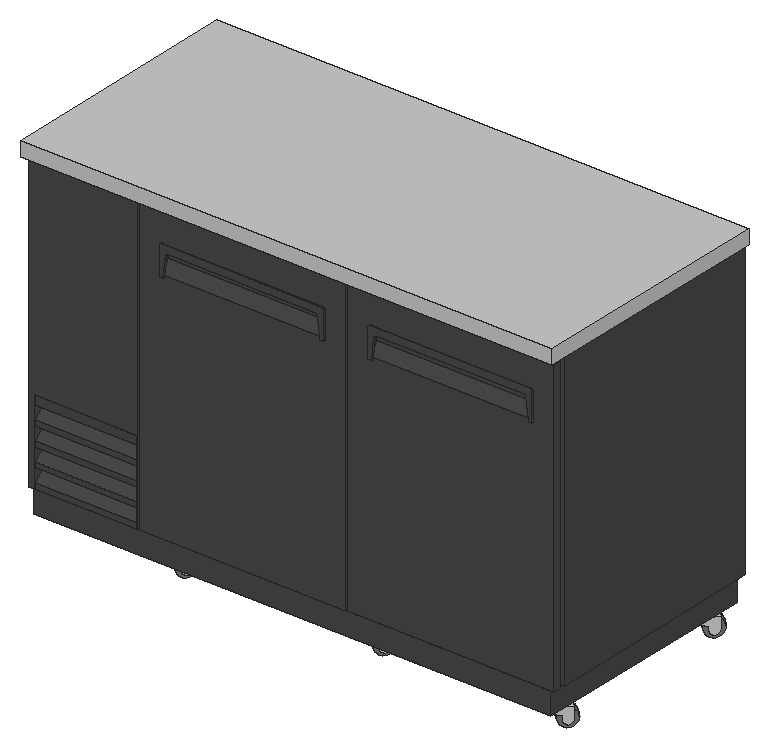
Revit family "QF_Turbo Air_TBB-2SB", category Specialty Equipment, Revit 2014
Parameters
  Weight in Pounds = 332
  Watermarked By = ""
  Volts = 115 V
  URL Cutsheet = ""
  URL = "www.turboairinc.com"
  Status [instance] = ""
  Specification by User [instance] = ""
  Specification by Manufacturer [instance] = ""
  Serial Number [instance] = ""
  Revision Code [instance] = ""
  Phase = 1
  Number of Poles [instance] = 1
  NAFEM Spec ID Number [instance] = ""
  Model = "TBB-2SB"
  Masterspec [instance] = ""
  Manufacturer = "Turbo Air"  # constant formula
  Item Number [instance] = "-"
  Installed By [instance] = ""
  HP = "1/4"
  Furnished By [instance] = ""
  Foodservice Equipment Identifier = yes
  FL Amps = 7 A
  Electrical Remarks [instance] = ""
  Electric Connection Type [instance] = ""
  Elec Conn RI Height [instance] = 0' - 0"
  Elec Conn Connection Height [instance] = CasterLeg Height + 0' 2"  # 0' - 5"
  Description = "Back Bar"
  Cycle = 60 Hz
  Conn Plug = "NEMA 5-15P"
  CasterLeg Height [instance] = if([2 inch Casters], 0' 3", if([4 inch Casters], 0' 5", 0' 6"))  # 0' - 3"
  CSI MasterFormat = "11 46 13"
  Assembly Code = "E1090320"
  Apparent Power = if(Phase = 3, Volts * FL Amps * 1.73, Volts * FL Amps)  # 805 VA
  6 inch Legs [instance] = no
  4 inch Casters [instance] = no
  2 inch Casters [instance] = yes
Reference planes (in)
  plane 1 "BACK": y = 0
  plane 2: z = 0
  plane 3 "LEFT": x = -16.56573
  plane 4 "RIGHT": x = 42.18427
  plane 5 "FRONT": y = -27.125
  plane 6 "Bumber Back": y = 2
  plane 7 "Bottom": z = 3
  plane 8 "Counter Top": z = 40
  plane 9 "Counter Bottom": z = 38.4375
  plane 10 "Vent Bottom": z = 5.5625
  plane 11 "Box Left": x = -16.19073
  plane 12 "Vents Left": x = -15.56573
  plane 13 "Vents Right": x = -4.00323
  plane 14 "Doors Back": y = -24.9375
  plane 15 "Vents Front": y = -26.375
  plane 16 "Vent Top": z = 14.8125
  plane 17 "Box Right": x = 41.80927
  plane 18: x = 18.99677
  plane 19: x = 18.80927
  plane 20 "Door Clearance": y = -48.375
Forms (in)
  Extrusion 1, solid, material "QF_Plastic-Black-Matte"
    sketch origin (0, 0, 3) x (0, 1, 0) y (-1, 0, 0)
      loop
        line (-0.625, 15.75323) -> (-26.3125, 15.75323) -> (-26.3125, -41.37177) -> (-0.625, -41.37177) -> (-0.625, 15.75323)
    from 0 to 2.5625
  Extrusion 2, solid, material "QF_Plastic-Black-Matte"
    sketch origin (-15.56573, 0, 0) x (0, 1, 0) y (0, 0, 1)
      loop
        line (-26.375, 12.375) -> (-26.375, 11.8125) -> (-26, 11.8125) -> (-26, 11.875) -> (-26.3125, 11.875) -> (-26.3125, 12.34911) -> (-25.04917, 13.61244) -> (-25.09337, 13.65663) -> (-26.375, 12.375)
      loop
        line (-26.375, 10.3125) -> (-26.375, 9.75) -> (-26, 9.75) -> (-26, 9.8125) -> (-26.3125, 9.8125) -> (-26.3125, 10.28661) -> (-25.04917, 11.54994) -> (-25.09337, 11.59413) -> (-26.375, 10.3125)
      loop
        line (-26.375, 8.25) -> (-26.375, 7.6875) -> (-26, 7.6875) -> (-26, 7.75) -> (-26.3125, 7.75) -> (-26.3125, 8.22411) -> (-25.04917, 9.48744) -> (-25.09337, 9.53163) -> (-26.375, 8.25)
      loop
        line (-26.375, 6.125) -> (-26.375, 5.5625) -> (-25.8125, 5.5625) -> (-25.8125, 5.625) -> (-26.3125, 5.625) -> (-26.3125, 6.09911) -> (-25.04917, 7.36244) -> (-25.09337, 7.40663) -> (-26.375, 6.125)
      loop
        line (-26.375, 14.8125) -> (-26.375, 13.875) -> (-26, 13.875) -> (-26, 13.9375) -> (-26.3125, 13.9375) -> (-26.3125, 14.41161) -> (-25.91161, 14.8125) -> (-26.375, 14.8125)
    from 0 to 11.3125
  Extrusion 3, solid, material "QF_Plastic-Black-Matte"
    sketch origin (0, 2, 0) x (1, 0, 0) y (0, 0, 1)
      loop
        circle (-10.62823, 34.5) r 0.8125
      loop
        circle (36.24677, 34.5) r 0.8125
    from 0 to 2
  Extrusion 4, solid, material "QF_Plastic-Black-Matte"
    sketch origin (0, 0, 0) x (1, 0, 0) y (0, 0, 1)
      loop
        circle (-10.09698, 5) r 0.25
    from 0.625 to 0.5625
  Extrusion 5, solid, material "QF_Plastic-Black-Matte"
    sketch origin (0, 0, 5.5625) x (0, 1, 0) y (-1, 0, 0)
      loop
        line (0, 16.19073) -> (-24.9375, 16.19073) -> (-24.9375, -41.80927) -> (0, -41.80927) -> (0, 16.19073)
    from 0 to 32.875
  Extrusion 6, solid, material "QF_Plastic-Black-Matte"
    sketch origin (0, -24.9375, 0) x (1, 0, 0) y (0, 0, 1)
      loop
        line (-16.19073, 38.4375) -> (-16.19073, 5.5625) -> (-15.56573, 5.5625) -> (-15.56573, 14.8125) -> (-4.25323, 14.8125) -> (-4.25323, 5.5625) -> (-4.12823, 5.5625) -> (-4.12823, 38.4375) -> (-16.19073, 38.4375)
    from 0 to 1.4375
  Extrusion 7, solid, material "QF_Stainless-Polished"
    sketch origin (0, 0, 38.4375) x (0, 1, 0) y (-1, 0, 0)
      loop
        line (0, 16.56573) -> (-27.125, 16.56573) -> (-27.125, -42.18427) -> (0, -42.18427) -> (0, 16.56573)
    from 0 to 1.5625
  Extrusion 8, solid, material "QF_Clearance", detail levels coarse+medium
    sketch origin (0, 0, 5.5625) x (0, 1, 0) y (-1, 0, 0)
      loop
        line (-48.375, -41.80927) -> (-26.375, -41.80927) -> (-26.375, -18.99677)
        arc (-26.375, -18.99677) -> (-41.98315, -25.959) -> (-48.375, -41.80927) r 22.8125
    from 0 to 32.3125
  Extrusion 9, solid, material "QF_Clearance", detail levels coarse+medium
    sketch origin (0, 0, 5.5625) x (0, 1, 0) y (-1, 0, 0)
      loop
        arc (-48.375, 4.00323) -> (-41.98315, -11.84705) -> (-26.375, -18.80927) r 22.8125
        line (-26.375, -18.80927) -> (-26.375, 4.00323) -> (-48.375, 4.00323)
    from 0 to 32.3125
Lines and regions (in)
  symbolic lines
    curve 1: line (-16.56573, 0, 3) -> (42.18427, 0, 3)
    curve 2: line (-16.56573, -27.125, 3) -> (-16.56573, 0, 3)
    curve 3: line (42.18427, -27.125, 3) -> (-16.56573, -27.125, 3)
    curve 4: line (42.18427, 0, 3) -> (42.18427, -27.125, 3)
    curve 5: line (-11.44073, 2, 3) -> (-9.81573, 2, 3)
    curve 6: line (35.43427, 2, 3) -> (37.05927, 2, 3)
    curve 7: line (-11.44073, 2, 3) -> (-11.44073, 0, 3)
    curve 8: line (-9.81573, 2, 3) -> (-9.81573, 0, 3)
    curve 9: line (35.43427, 2, 3) -> (35.43427, 0, 3)
    curve 10: line (37.05927, 2, 3) -> (37.05927, 0, 3)
  symbolic lines, style "QF_Clearances_Door_Drawer", detail levels coarse+medium
    curve 11: line (-4.00323, -27.125, 5.5625) -> (-4.00323, -48.375, 5.5625)
    curve 12: arc (-4.00323, -48.375, 5.5625) -> (11.57461, -42.24159, 5.5625) -> (18.77018, -27.125, 5.5625) r 22.8125
    curve 13: line (41.80927, -27.125, 5.5625) -> (41.80927, -48.375, 5.5625)
    curve 14: arc (41.80927, -48.375, 5.5625) -> (26.23144, -42.24159, 5.5625) -> (19.03587, -27.125, 5.5625) r 22.8125
Dimensions and locks (in)
  locked: plane 4 "RIGHT" to plane 3 "LEFT" at 58.75
  locked: plane 5 "FRONT" to plane 1 "BACK" at 27.125
  locked: plane 1 "BACK" to plane 6 "Bumber Back" at 2
  "CasterLeg Height": plane 7 "Bottom" to level
  locked: plane 8 "Counter Top" to plane 7 "Bottom" at 37
  locked: plane 8 "Counter Top" to plane 9 "Counter Bottom" at 1.5625
  locked: plane 10 "Vent Bottom" to plane 7 "Bottom" at 2.5625
  locked: Extrusion 1 sketch curve to plane 1 "BACK" at 0.625
  locked: plane 3 "LEFT" to Extrusion 1 sketch curve at 0.8125
  locked: Extrusion 1 sketch curve to plane 4 "RIGHT" at 0.8125
  locked: plane 3 "LEFT" to nested 1 at 3
  locked: nested 1 to plane 1 "BACK" at 3
  locked: nested 3 to plane 1 "BACK" at 3
  locked: nested 3 to plane 4 "RIGHT" at 3
  locked: plane 3 "LEFT" to nested 4 at 13.5625
  locked: nested 5 to plane 4 "RIGHT" at 3
  locked: plane 9 "Counter Bottom" to Extrusion 3 sketch curve at 3.9375  (x2)
  locked: Extrusion 3 sketch curve to plane 3 "LEFT" at 5.9375
  locked: plane 4 "RIGHT" to Extrusion 3 sketch curve at 5.9375
  locked: Extrusion 4 sketch curve to plane 7 "Bottom" at 2
  locked: plane 3 "LEFT" to plane 11 "Box Left" at 0.375
  locked: plane 5 "FRONT" to plane 14 "Doors Back" at 2.1875
  locked: plane 5 "FRONT" to plane 15 "Vents Front" at 0.75
  locked: plane 16 "Vent Top" to plane 10 "Vent Bottom" at 9.25
  locked: plane 5 "FRONT" to nested 7 at 3.875
  locked: plane 5 "FRONT" to nested 8 at 3.875
  plane 11 "Box Left" to plane 13 "Vents Right" = 1' - 0 3/16"
  locked: plane 17 "Box Right" to plane 4 "RIGHT" at 0.375
  locked: plane 11 "Box Left" to plane 12 "Vents Left" at 0.625
  locked: Extrusion 6 sketch curve to plane 13 "Vents Right" at 0.125
  locked: Extrusion 6 sketch curve to Extrusion 6 sketch curve at 0.125
  locked: nested 11 to plane 1 "BACK" at 3
  locked: plane 5 "FRONT" to nested 12 at 3.875
  equal spacing: plane 13 "Vents Right", nested 11, plane 17 "Box Right"
  equal spacing: plane 13 "Vents Right", nested 12, plane 17 "Box Right"
  locked: plane 20 "Door Clearance" to plane 1 "BACK" at 48.375
  equal spacing: plane 13 "Vents Right", Extrusion 4 sketch curve, plane 11 "Box Left"
  aligned and locked: level to plane 2
  aligned and locked: plane 10 "Vent Bottom" to Extrusion 1
  aligned and locked: nested 1 to nested 2
  aligned and locked: nested 2 to nested 1
  aligned and locked: nested 6 to nested 3  (x2)
  aligned and locked: nested 4 to nested 8
  aligned and locked: nested 8 to nested 4
  aligned and locked: nested 7 to nested 5  (x2)
  aligned and locked: plane 1 "BACK" to Extrusion 3
  aligned and locked: plane 3 "LEFT" to curve 2
  aligned and locked: curve 3 to plane 5 "FRONT"
  aligned and locked: plane 1 "BACK" to curve 1
  aligned and locked: curve 5 to Extrusion 3
  aligned and locked: curve 6 to Extrusion 3
  aligned and locked: nested 9 to plane 10 "Vent Bottom"
  aligned and locked: plane 1 "BACK" to Extrusion 5 sketch curve
  aligned and locked: plane 11 "Box Left" to Extrusion 5 sketch curve
  aligned and locked: Extrusion 5 sketch curve to plane 14 "Doors Back"
  aligned and locked: Extrusion 5 sketch curve to plane 17 "Box Right"
  aligned and locked: plane 9 "Counter Bottom" to Extrusion 5
  aligned and locked: plane 13 "Vents Right" to nested 9
  aligned and locked: plane 19 to nested 9
  aligned and locked: plane 10 "Vent Bottom" to Extrusion 6 sketch curve
  aligned and locked: Extrusion 6 sketch curve to plane 10 "Vent Bottom"
  aligned and locked: plane 11 "Box Left" to Extrusion 6 sketch curve
  aligned and locked: Extrusion 6 sketch curve to plane 16 "Vent Top"
  aligned and locked: Extrusion 6 sketch curve to plane 9 "Counter Bottom"
  aligned and locked: Extrusion 6 sketch curve to plane 12 "Vents Left"
  aligned and locked: plane 15 "Vents Front" to Extrusion 6
  aligned and locked: Extrusion 2 sketch curve to plane 16 "Vent Top"
  aligned and locked: Extrusion 2 to Extrusion 6
  aligned and locked: plane 3 "LEFT" to Extrusion 7 sketch curve
  aligned and locked: Extrusion 7 sketch curve to plane 5 "FRONT"
  aligned and locked: Extrusion 7 sketch curve to plane 4 "RIGHT"
  aligned and locked: plane 1 "BACK" to Extrusion 7 sketch curve
  aligned and locked: plane 8 "Counter Top" to Extrusion 7
  aligned and locked: plane 10 "Vent Bottom" to nested 10
  aligned and locked: plane 17 "Box Right" to nested 10
  aligned and locked: plane 18 to nested 10
  aligned and locked: plane 14 "Doors Back" to nested 10
  aligned and locked: nested 11 to nested 13
  aligned and locked: nested 13 to nested 11
  aligned and locked: nested 12 to nested 14
  aligned and locked: nested 14 to nested 12
  aligned and locked: Extrusion 9 to nested 9
  aligned and locked: Extrusion 8 to nested 9
Automatic sketch dimensions
  Extrusion 1 sketch curve to plane 5 "FRONT" = 0' - 0 13/16"
  Extrusion 2 sketch curve to plane 15 "Vents Front" = 0' - 0"  (x5)
  Extrusion 2 sketch curve to plane 10 "Vent Bottom" = 0' - 0"
  Extrusion 2 sketch curve to plane 15 "Vents Front" = 0' - 0 1/16"  (x5)
  Extrusion 2 sketch curve to Extrusion 2 sketch curve = 0' - 0 5/16"  (x4)
  Extrusion 2 sketch curve to plane 15 "Vents Front" = 0' - 0.46339"
  Extrusion 2 sketch curve to Extrusion 2 sketch curve = 0' - 0 1/2"
  plane 14 "Doors Back" to Extrusion 2 sketch curve = 0' - 0.15587"  (x4)
  Extrusion 2 sketch curve to Extrusion 2 sketch curve = 0' - 0.04419"  (x4)
  plane 10 "Vent Bottom" to Extrusion 2 sketch curve = 0' - 0 1/16"
  Extrusion 2 sketch curve to Extrusion 2 sketch curve = 0' - 0.47411"  (x4)
  Extrusion 2 sketch curve to Extrusion 2 sketch curve = 0' - 0.02589"  (x4)
  Extrusion 2 sketch curve to Extrusion 2 sketch curve = 0' - 0.28087"
  Extrusion 2 sketch curve to Extrusion 2 sketch curve = 0' - 0 1/16"  (x4)
  Extrusion 2 sketch curve to Extrusion 2 sketch curve = 0' - 0.21837"  (x2)
  Extrusion 2 sketch curve to Extrusion 2 sketch curve = 0' - 0 15/16"
  Extrusion 2 sketch curve to plane 16 "Vent Top" = 0' - 0.40089"
  curve 1 to plane 4 "RIGHT" = 0' - 0"
  curve 10 to plane 17 "Box Right" = 0' - 4 3/4"
  curve 6 to curve 9 = 0' - 1 5/8"
  plane 12 "Vents Left" to curve 5 = 0' - 5 3/4"
  curve 5 to curve 7 = 0' - 1 5/8"
  curve 11 to plane 13 "Vents Right" = 0' - 0"
  plane 20 "Door Clearance" to curve 11 = 0' - 0"
  curve 14 to plane 17 "Box Right" = 0' - 0"
  plane 20 "Door Clearance" to curve 14 = 0' - 0"
  plane 15 "Vents Front" to curve 13 = 0' - 0 3/4"
  plane 15 "Vents Front" to curve 12 = 0' - 0 3/4"
  plane 15 "Vents Front" to curve 11 = 0' - 0 3/4"
  plane 15 "Vents Front" to curve 14 = 0' - 0 3/4"
  plane 18 to curve 14 = 0' - 0.0391"
  curve 12 to plane 19 = 0' - 0.0391"
  plane 13 "Vents Right" to curve 12 = 0' - 0.01447"
  curve 14 to plane 17 "Box Right" = 0' - 0.01447"
  plane 20 "Door Clearance" to Extrusion 8 sketch curve = 0' - 0"
  plane 15 "Vents Front" to Extrusion 8 sketch curve = 0' - 0"
  Extrusion 8 sketch curve to plane 17 "Box Right" = 0' - 0"
  Extrusion 8 sketch curve to plane 18 = 0' - 0"
  Extrusion 8 sketch curve to plane 17 "Box Right" = 0' - 0.01447"
  plane 20 "Door Clearance" to Extrusion 9 sketch curve = 0' - 0"
  plane 15 "Vents Front" to Extrusion 9 sketch curve = 0' - 0"
  Extrusion 9 sketch curve to plane 19 = 0' - 0"
  Extrusion 9 sketch curve to plane 13 "Vents Right" = 0' - 0"
  plane 13 "Vents Right" to Extrusion 9 sketch curve = 0' - 0.01447"
  radius of Extrusion 3 sketch curve = 0' - 0 13/16"  (x2)
  radius of Extrusion 4 sketch curve = 0' - 0 1/4"
Nested families (in)
  nested 1: "FESCasterLeg2014" at (-13.56573, -3, 0), Casters <- "4 inch Casters", Legs <- "6 inch Legs", Height <- "CasterLeg Height", type "FESCasterLeg2014"
    with Legs no, Height 0' - 3", Casters no, Caster Radius 0' - 1"
  nested 2: "FES3Caster-2014" at (-13.56573, -3, 0), visible <- "2 inch Casters", type "FES3Caster"
  nested 3: "FESCasterLeg2014" at (39.18427, -3, 0), Casters <- "4 inch Casters", Legs <- "6 inch Legs", Height <- "CasterLeg Height", type "FESCasterLeg2014"
    with Legs no, Height 0' - 3", Casters no, Caster Radius 0' - 1"
  nested 4: "FESCasterLeg2014" at (-3.00323, -23.25, 0), Casters <- "4 inch Casters", Legs <- "6 inch Legs", Height <- "CasterLeg Height", type "FESCasterLeg2014"
    with Legs no, Height 0' - 3", Casters no, Caster Radius 0' - 1"
  nested 5: "FESCasterLeg2014" at (39.18427, -23.25, 0), Casters <- "4 inch Casters", Legs <- "6 inch Legs", Height <- "CasterLeg Height", type "FESCasterLeg2014"
    with Legs no, Height 0' - 3", Casters no, Caster Radius 0' - 1"
  nested 6: "FES3Caster-2014" at (39.18427, -3, 0), visible <- "2 inch Casters", type "FES3Caster"
  nested 7: "FES3Caster-2014" at (39.18427, -23.25, 0), visible <- "2 inch Casters", type "FES3Caster"
  nested 8: "FES3Caster-2014" at (-3.00323, -23.25, 0), visible <- "2 inch Casters", type "FES3Caster"
  nested 9: "QF_Turbo Air_UC-Solid Door" at (12.5625, -24.9375, 5.5625), type "QF_Turbo Air_UC-Solid Door"
    with Width 1' - 10 13/16", Symbolic Lines no, Height 2' - 8 5/16", Handle Distance 0' - 2 3/8", Door Material QF_Plastic-Black-Matte
  nested 10: "QF_Turbo Air_UC-Solid Door" at (25.24355, -24.9375, 5.5625) x (-1, 0, 0) z (0, 0, 1), type "QF_Turbo Air_UC-Solid Door"
    with Width 1' - 10 13/16", Symbolic Lines no, Height 2' - 8 5/16", Handle Distance 0' - 2 3/8", Door Material QF_Plastic-Black-Matte
  nested 11: "FES3Caster-2014" at (18.90302, -3, 0), visible <- "2 inch Casters", type "FES3Caster"
  nested 12: "FES3Caster-2014" at (18.90302, -23.25, 0), visible <- "2 inch Casters", type "FES3Caster"
  nested 13: "FESCasterLeg2014" at (18.90302, -3, 0), Casters <- "4 inch Casters", Legs <- "6 inch Legs", Height <- "CasterLeg Height", type "FESCasterLeg2014"
    with Legs no, Height 0' - 3", Casters no, Caster Radius 0' - 1"
  nested 14: "FESCasterLeg2014" at (18.90302, -23.25, 0), Casters <- "4 inch Casters", Legs <- "6 inch Legs", Height <- "CasterLeg Height", type "FESCasterLeg2014"
    with Legs no, Height 0' - 3", Casters no, Caster Radius 0' - 1"
Connectors (in)
  electrical at (-10.09698, -0.5625, 5), driven by "Number of Poles", driven by "Volts", driven by "Apparent Power"
    settings: on Extrusion 4, index 1, voltage 115 V, apparent load 805 VA, apparent load phase1 0 VA, apparent load phase2 0 VA, apparent load phase3 0 VA, power factor 1, load classification "Other", number of poles 1, system type 30, power factor state 1, is connector primary yes, connector utility no, sub classification motor no, connector description "Electric"
Definition of nested family "FES3Caster-2014"
  Parameters (values of type "FES3Caster-2014")
    Watermarked By = "http://revitwatermark.com"
    Type Comments = ""
    Assembly Code = ""
  Reference planes (in)
    plane 1 "Center (Front/Back)": y = 0
    plane 2: z = 0
    plane 3 "Center (Left/Right)": x = 0
    plane 4: z = 3
    plane 5: z = 2.5
  Forms (in)
    Extrusion 1, solid, material "QF_Stainless-Polished-Brushed"
      sketch origin (-24.12131, -22.88887, 10.18833) x (0.707107, 0.707107, 0) y (0, 0, 1)
        loop
          line (34.98772, -9.18833) -> (34.98772, -7.93833) -> (34.48772, -7.93833) -> (34.39402, -7.68833) -> (32.39402, -7.68833) -> (32.39402, -8.43833) -> (33.98772, -8.84206) -> (33.98772, -9.18833)
          arc (33.98772, -9.18833) -> (34.48772, -9.68833) -> (34.98772, -9.18833) r 0.5
      from 0 to 1.75
    Extrusion 2, solid, material "QF_Rubber-Black"
      sketch origin (-24.32327, -23.09083, 13.31461) x (0.707107, 0.707107, 0) y (0, 0, 1)
        loop
          circle (34.77334, -12.31461) r 1
      from 0.375 to 1.375
    Extrusion 3, solid, material "QF_Stainless-Polished-Brushed"
      sketch origin (-7.24148, -8.48391, 0) x (0.707107, 0.707107, 0) y (0, 0, 1)
        loop
          line (10.61603, 2.5) -> (11.61603, 2.5) -> (11.61603, 3) -> (10.61603, 3) -> (10.61603, 2.5)
      from 0 to -1.75
  Lines and regions (in)
    symbolic lines, style "QF_Hidden Details"
      curve 1: line (-1.26158, -0.51911, 0) -> (1.39007, 2.13254, 0)
      curve 2: line (-0.53429, -1.24639, 0) -> (2.11736, 1.40526, 0)
      curve 3: line (-1.26158, -0.51911, 0) -> (1.39007, 2.13254, 0)
      curve 4: line (-0.53429, -1.24639, 0) -> (2.11736, 1.40526, 0)
  Dimensions and locks (in)
    locked: plane 4 to plane 5 at 0.5
    plane 4 to level = 0' - 3"
    Extrusion 2 sketch curve to level = 0' - 1"
    Extrusion 1 sketch curve to level = 0' - 1"
    radius of Extrusion 2 sketch curve = 0' - 1"
    aligned and locked: plane 2 to level
    aligned and locked: Extrusion 3 to plane 5
    aligned and locked: plane 4 to Extrusion 3
    aligned and locked: plane 5 to Extrusion 1
Definition of nested family "QF_Turbo Air_UC-Solid Door"
  Parameters (values of type "QF_Turbo Air_UC-Solid Door")
    Width [instance] = 1' - 10 13/16"
    Watermarked By = ""
    URL = "www.turboairinc.com"
    Symbolic Lines [instance] = yes
    Manufacturer = "Turbo Air"  # constant formula
    Height [instance] = 2' - 8 5/16"
    Handle Distance [instance] = 0' - 2 3/8"
    Door Material [instance] = QF_Stainless-Polished
  Reference planes (in)
    plane 1 "BACK": y = 0
    plane 2: z = 0
    plane 3 "LEFT": x = -16.56573
    plane 4 "RIGHT": x = 6.24677
    plane 5 "Handle Right": x = 3.87177
    plane 6: x = 3.68427
    plane 7 "Handle Left": x = -14.25323
    plane 8: x = -14.06573
    plane 9 "Door Back": y = -0.625
    plane 10 "FRONT": y = -1.4375
    plane 11 "TOP": z = 32.3125
    plane 12 "Handle Top": z = 29.25
    plane 13 "Handle Bottom": z = 25.875
    plane 14: z = 29.0625
    plane 15: z = 26.0625
  Forms (in)
    Extrusion 1, solid, material "QF_Plastic-Black-Matte"
      sketch origin (0, 0, 0) x (1, 0, 0) y (0, 0, 1)
        loop
          line (-14.69073, 29.75) -> (-14.69073, 1.875) -> (4.37177, 1.875) -> (4.37177, 29.75) -> (-14.69073, 29.75)
      from 0 to 0.625
    Extrusion 2, solid, material "QF_Stainless-Polished" <- "Door Material"
      sketch origin (0, -0.625, 0) x (1, 0, 0) y (0, 0, 1)
        loop
          line (-16.56573, 32.3125) -> (-16.56573, 0) -> (6.24677, 0) -> (6.24677, 32.3125) -> (-16.56573, 32.3125)
        loop
          line (-14.06573, 29.0625) -> (-14.06573, 26.0625) -> (3.68427, 26.0625) -> (3.68427, 29.0625) -> (-14.06573, 29.0625)
      from 0 to 0.8125
    Extrusion 3, solid, material "QF_Stainless-Polished" <- "Door Material"
      sketch origin (-14.25323, 0, 0) x (0, 1, 0) y (0, 0, 1)
        loop
          line (-1.4375, 26.0625) -> (-0.625, 26.0625) -> (-0.625, 29.0625) -> (-0.6875, 29.0625) -> (-0.6875, 27.44712) -> (-1.4375, 26.0625)
      from 0.1875 to 17.9375
    Extrusion 4, solid, material "QF_Plastic-Black-Matte"
      sketch origin (0, -1.4375, 0) x (1, 0, 0) y (0, 0, 1)
        loop
          line (-14.25323, 29) -> (-14.25323, 25.9375)
          arc (-14.25323, 25.9375) -> (-14.23492, 25.89331) -> (-14.19073, 25.875) r 0.0625
          line (-14.19073, 25.875) -> (-13.93357, 25.875)
          arc (-13.93357, 25.875) -> (-13.89213, 25.89071) -> (-13.87153, 25.92993) r 0.0625
          line (-13.87153, 25.92993) -> (-13.58582, 28.2727)
          arc (-13.58582, 28.2727) -> (-13.524, 28.39038) -> (-13.3997, 28.4375) r 0.1875
          line (-13.3997, 28.4375) -> (3.01825, 28.4375)
          arc (3.01825, 28.4375) -> (3.14255, 28.39038) -> (3.20437, 28.2727) r 0.1875
          line (3.20437, 28.2727) -> (3.49008, 25.92993)
          arc (3.49008, 25.92993) -> (3.51068, 25.89071) -> (3.55212, 25.875) r 0.0625
          line (3.55212, 25.875) -> (3.80927, 25.875)
          arc (3.80927, 25.875) -> (3.85347, 25.89331) -> (3.87177, 25.9375) r 0.0625
          line (3.87177, 25.9375) -> (3.87177, 29)
          arc (3.87177, 29) -> (3.79855, 29.17678) -> (3.62177, 29.25) r 0.25
          line (3.62177, 29.25) -> (-14.00323, 29.25)
          arc (-14.00323, 29.25) -> (-14.18, 29.17678) -> (-14.25323, 29) r 0.25
      from 0 to 0.125
  Lines and regions (in)
    symbolic lines, visible <- "Symbolic Lines"
      curve 1: line (-16.56573, -0.625, 0) -> (6.24677, -0.625, 0)
      curve 2: line (-16.56573, -1.4375, 0) -> (-16.56573, -0.625, 0)
      curve 3: line (6.24677, -1.4375, 0) -> (-16.56573, -1.4375, 0)
      curve 4: line (6.24677, -0.625, 0) -> (6.24677, -1.4375, 0)
      curve 5: line (-14.69073, 0, 0) -> (-14.69073, -0.625, 0)
      curve 6: line (4.37177, -0.625, 0) -> (4.37177, 0, 0)
      curve 7: line (4.37177, 0, 0) -> (-14.69073, 0, 0)
  Dimensions and locks (in)
    "Width": plane 4 "RIGHT" to plane 3 "LEFT"
    "Handle Distance": plane 5 "Handle Right" to plane 4 "RIGHT"
    locked: plane 6 to plane 5 "Handle Right" at 0.1875
    locked: plane 7 "Handle Left" to plane 8 at 0.1875
    locked: plane 7 "Handle Left" to plane 5 "Handle Right" at 18.125
    locked: plane 9 "Door Back" to plane 1 "BACK" at 0.625
    locked: plane 10 "FRONT" to plane 9 "Door Back" at 0.8125
    "Height": plane 11 "TOP" to plane 2
    locked: plane 11 "TOP" to plane 12 "Handle Top" at 3.0625
    locked: plane 12 "Handle Top" to plane 13 "Handle Bottom" at 3.375
    locked: plane 12 "Handle Top" to plane 14 at 0.1875
    locked: plane 15 to plane 13 "Handle Bottom" at 0.1875
    locked: Extrusion 1 sketch curve to plane 3 "LEFT" at 1.875
    locked: plane 11 "TOP" to Extrusion 1 sketch curve at 2.5625
    locked: Extrusion 1 sketch curve to plane 4 "RIGHT" at 1.875
    locked: Extrusion 1 sketch curve to level at 1.875
    locked: Extrusion 3 sketch curve to plane 9 "Door Back" at 0.0625
    locked: Extrusion 3 sketch curve to plane 15 at 1.38462
    locked: plane 12 "Handle Top" to Extrusion 4 sketch curve at 0.8125
    locked: Extrusion 4 sketch curve to plane 13 "Handle Bottom" at 2.3977  (x2)
    locked: Extrusion 4 sketch curve to plane 7 "Handle Left" at 0.6674
    locked: Extrusion 4 sketch curve to plane 7 "Handle Left" at 0.85352
    locked: plane 5 "Handle Right" to Extrusion 4 sketch curve at 0.6674
    locked: plane 5 "Handle Right" to Extrusion 4 sketch curve at 0.85352
    aligned and locked: level to plane 2
    aligned and locked: plane 9 "Door Back" to Extrusion 1
    aligned and locked: Extrusion 2 sketch curve to plane 11 "TOP"
    aligned and locked: plane 3 "LEFT" to Extrusion 2 sketch curve
    aligned and locked: level to Extrusion 2 sketch curve
    aligned and locked: Extrusion 2 sketch curve to plane 4 "RIGHT"
    aligned and locked: Extrusion 2 sketch curve to plane 14
    aligned and locked: plane 8 to Extrusion 2 sketch curve
    aligned and locked: plane 15 to Extrusion 2 sketch curve
    aligned and locked: Extrusion 2 sketch curve to plane 6
    aligned and locked: plane 10 "FRONT" to Extrusion 2
    aligned and locked: plane 15 to Extrusion 3 sketch curve
    aligned and locked: plane 9 "Door Back" to Extrusion 3 sketch curve
    aligned and locked: Extrusion 3 to plane 8
    aligned and locked: plane 6 to Extrusion 3
    aligned and locked: Extrusion 3 sketch curve to plane 14
    aligned and locked: Extrusion 4 sketch curve to plane 12 "Handle Top"
    aligned and locked: Extrusion 4 sketch curve to plane 7 "Handle Left"
    aligned and locked: Extrusion 4 sketch curve to plane 13 "Handle Bottom"
    aligned and locked: plane 13 "Handle Bottom" to Extrusion 4 sketch curve
    aligned and locked: Extrusion 4 sketch curve to plane 5 "Handle Right"
    aligned and locked: plane 9 "Door Back" to curve 1
    aligned and locked: plane 3 "LEFT" to curve 2
    aligned and locked: curve 3 to plane 10 "FRONT"
    aligned and locked: curve 4 to plane 4 "RIGHT"
    aligned and locked: curve 5 to Extrusion 1
    aligned and locked: curve 6 to Extrusion 1
    aligned and locked: curve 7 to Extrusion 1
  Automatic sketch dimensions
    Extrusion 3 sketch curve to plane 10 "FRONT" = 0' - 0"
    plane 7 "Handle Left" to Extrusion 4 sketch curve = 0' - 0 1/16"
    plane 8 to Extrusion 4 sketch curve = 0' - 0 1/16"
    plane 13 "Handle Bottom" to Extrusion 4 sketch curve = 0' - 0 1/16"  (x2)
    plane 8 to Extrusion 4 sketch curve = 0' - 0.13216"
    plane 13 "Handle Bottom" to Extrusion 4 sketch curve = 0' - 0.05493"  (x2)
    Extrusion 4 sketch curve to plane 6 = 0' - 0.1942"
    Extrusion 4 sketch curve to plane 6 = 0' - 0 1/16"
    Extrusion 4 sketch curve to plane 5 "Handle Right" = 0' - 0 1/16"
Definition of nested family "FESCasterLeg2014"
  Parameters (values of type "FESCasterLeg2014")
    Watermarked By = "http://revitwatermark.com"
    Type Comments = "⍁⍉⌁⌀⏭⎽⌇⍠⌜⍉⎖⌥⌦⌯⍭⏊⍻⍿⍊⏵⍊⏗⏠⍴⎡⌈⎀⍠⌓⌤⏘⎐⍀⌐⏬⏁⎈⏍⏦⎒⏬⌝⍩⍇⌣〈⎫〉⎁⏊⍥⍖⍥⍝⍦⌖⍀⏌⏭⎝⎼⏷⏞⍻⏯⎽⏷⏞⍻⏯⎽⏷⎺⌻⎝⍎⌧⏷⏟⏿⌿⍜⍦⍤⌁⍬⏶⏎⍊⏚⏉⎞⌡⎀⎪⏈⌟⌿⍾⍼⌟⌿⌢⌞⏜⏝⎽⍷⍷⍯⍧⍷⌯⍽⏸⏨⏾⏎⌣⏺⍹⏼⏅⎏⌽⎫⎪⍙⎓⏗⎗⏅⌴⍏⍏⍿⏑⎺⍘⌭⏲⍥⎛⎾⎾⍞⍌⎪⎲⌙⎥⏏⎟⎟⏼⏘⎏⎝⏧⏍⏁⍏⍧⏯⏾⌟"
    Legs [instance] = yes
    Height [instance] = 0' - 6"
    Caster Radius [instance] = if(Height < 0' 3", 0' 1", (Height / 2) - 0' 0 1/2")  # 0' - 2 1/2"
    Casters [instance] = yes
    Assembly Code = ""
  Reference planes (in)
    plane 1 "Center (Front/Back)": y = 0
    plane 2: z = 0
    plane 3 "Center (Left/Right)": x = 0
    plane 4: z = 6
    plane 5: z = 5.5
  Forms (in)
    Extrusion 1, solid, material "QF_Stainless-Polished", visible <- "Casters"
      sketch origin (-24.12131, -22.88887, 10.18833) x (0.707107, 0.707107, 0) y (0, 0, 1)
        loop
          line (34.98772, -7.68833) -> (34.98772, -4.93833) -> (34.48772, -4.93833) -> (34.39402, -4.68833) -> (32.39402, -4.68833) -> (32.39402, -5.43833) -> (33.98772, -7.34206) -> (33.98772, -7.68833)
          arc (33.98772, -7.68833) -> (34.48772, -8.18833) -> (34.98772, -7.68833) r 0.5
      from 0 to 1.75
    Extrusion 2, solid, material "QF_Rubber-Black", visible <- "Casters"
      sketch origin (-24.32327, -23.09083, 13.31461) x (0.707107, 0.707107, 0) y (0, 0, 1)
        loop
          circle (34.77334, -10.81461) r 2.5
      from 0.375 to 1.375
    Extrusion 3, solid, material "QF_Stainless-Polished", visible <- "Casters"
      sketch origin (-7.24148, -8.48391, 0) x (0.707107, 0.707107, 0) y (0, 0, 1)
        loop
          line (10.61603, 5.5) -> (11.61603, 5.5) -> (11.61603, 6) -> (10.61603, 6) -> (10.61603, 5.5)
      from 0 to -1.75
    Blend 4, solid, material "QF_Stainless-Polished", visible <- "Legs"
      base sketch origin (0, 0, 0) x (1, 0, 0) y (0, 1, 0)
        loop
          circle (0, 0) r 0.5
      top sketch origin (0, 0, 0) x (1, 0, 0) y (0, 1, 0)
        loop
          circle (0, 0) r 1
      from 0 to 6 <- "Height"
  Lines and regions (in)
    symbolic lines, style "QF_Hidden Details", visible <- "Casters", built-in parameter 1006206 <- "Casters"
      curve 1: line (-1.26158, -0.51911, 0) -> (1.39007, 2.13254, 0)
      curve 2: line (-0.53429, -1.24639, 0) -> (2.11736, 1.40526, 0)
    symbolic lines, style "QF_Hidden Details", built-in parameter 1006206 <- "Casters", visible <- "Casters"
      curve 3: line (-1.26158, -0.51911, 0) -> (1.39007, 2.13254, 0)
      curve 4: line (-0.53429, -1.24639, 0) -> (2.11736, 1.40526, 0)
  Dimensions and locks (in)
    locked: plane 4 to plane 5 at 0.5
    "Height": plane 4 to level
    "Caster Radius": Extrusion 2 sketch curve to level
    "Caster Radius": Extrusion 1 sketch curve to level
    "Caster Radius": radius of Extrusion 2 sketch curve
    aligned and locked: plane 2 to level
    aligned: Blend 4 to Extrusion 3
    aligned and locked: plane 4 to Blend 4
    aligned and locked: Extrusion 3 to plane 5
    aligned and locked: plane 4 to Extrusion 3
    aligned and locked: plane 5 to Extrusion 1
  Automatic sketch dimensions
    plane 1 "Center (Front/Back)" to curve 3 = 0' - 0.51911"
    curve 3 to plane 3 "Center (Left/Right)" = 0' - 1.26158"
    plane 1 "Center (Front/Back)" to curve 1 = 0' - 0.51911"
    curve 1 to curve 3 = 0' - 0"  (x3)
    curve 4 to plane 3 "Center (Left/Right)" = 0' - 0.53429"
    curve 2 to curve 4 = 0' - 0"  (x2)
    plane 3 "Center (Left/Right)" to curve 3 = 0' - 1.39007"
    curve 1 to curve 4 = 0' - 0.72729"
    curve 2 to curve 1 = 0' - 0.72729"
    curve 4 to curve 2 = 0' - 0"  (x2)
    curve 2 to plane 1 "Center (Front/Back)" = 0' - 1.40526"
    curve 2 to curve 3 = 0' - 0.72729"
    Extrusion 3 sketch curve to plane 5 = 0' - 0"
    plane 4 to Extrusion 3 sketch curve = 0' - 0"
    Extrusion 3 sketch curve to Extrusion 3 sketch curve = 0' - 1"
    plane 1 "Center (Front/Back)" to Blend 4 sketch curve = 0' - 0"  (x2)
    Blend 4 sketch curve to plane 3 "Center (Left/Right)" = 0' - 0"  (x2)
    Extrusion 1 sketch curve to plane 5 = 0' - 0"
    Extrusion 1 sketch curve to plane 5 = 0' - 2.65373"
    Extrusion 1 sketch curve to Extrusion 1 sketch curve = 0' - 1.5937"
    Extrusion 1 sketch curve to Extrusion 1 sketch curve = 0' - 2"
    Extrusion 1 sketch curve to Extrusion 1 sketch curve = 0' - 0.0937"
    Extrusion 1 sketch curve to Extrusion 1 sketch curve = 0' - 0 1/2"
    Extrusion 1 sketch curve to plane 5 = 0' - 0 3/4"
    Extrusion 1 sketch curve to plane 5 = 0' - 0 1/4"
    radius of Blend 4 sketch curve = 0' - 0 1/2"
    radius of Blend 4 sketch curve = 0' - 1"
